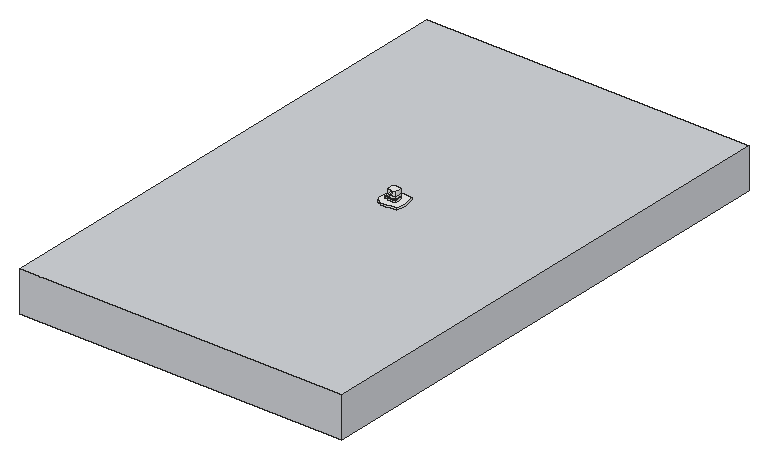
Revit family "Balance_Trim-GROHE-Grandera-19946_Series", category Plumbing Fixtures, host Face, Revit 2014
Parameters (values of type "19946000")
  Width = 6 11/16"  # constant formula
  Waste Connection = no
  Warranty Documentation Link = "https://cdn.cloud.grohe.com/tpi/1000/1900/1940/1949/1949006/original/1949006.pdf"
  WFU = 4  # constant formula
  Vent Connection = no
  URL = "https://www.grohe.us"
  Type Comments = ""
  Tempered Connection Radius = Tempered Connection Diameter / 2  # 1/4"
  Tempered Connection Diameter = Hot Water Connection Diameter  # 1/2"
  Shipping Weight = 6.259 lbf
  Product Page URL = "https://www.grohe.us/en_us/grohe-grandera-dual-function-pressure-balance-trim-with-control-module-19946000.html"
  Price = "Prices may vary. Please consult Manufacturer Representative for most up-to-date price list."  # constant formula
  Model = "19946000"
  Material = "Metal-Grohe-000-Chrome"
  Manufacturer = "Grohe"
  Length = 3 3/8"  # constant formula
  Installation Type = "Wall Mounted"
  Hot Water Connection Radius = Hot Water Connection Diameter / 2  # 1/4"
  Hot Water Connection Diameter = Cold Water Connection Diameter  # 1/2"
  Height = 40"
  HWFU = 3  # constant formula
  HW Connection = yes
  Flow Rate = "6.6 gpm at 45 psi (25 l/m)"  # constant formula
  Finish = Metal-Grohe-000-Chrome
  Description = "Grandera Dual function pressure balance trim with control module"  # constant formula
  Default Elevation = 44"  # constant formula
  Creation Date = "06/29/2017"  # constant formula
  Cold Water Connection Radius = 1/4"  # constant formula
  Cold Water Connection Diameter = Cold Water Connection Radius * 2  # 1/2"
  CWFU = 3  # constant formula
  CW Connection = yes
  Assembly Code = "D2010710"
Types (2): name | Product Page URL | Model | Material | Finish
  19946000 | "https://www.grohe.us/en_us/grohe-grandera-dual-function-pressure-balance-trim-with-control-module-19946000.html" | "19946000" | "Metal-Grohe-000-Chrome" | Metal-Grohe-000-Chrome
  19946EN0 | "https://www.grohe.us/en_us/grohe-grandera-dual-function-pressure-balance-trim-with-control-module-19946EN0.html" | "19946EN0" | "Metal-Grohe-EN0-Brushed Nickel" | Metal-Grohe-EN0-Brushed Nickel
Reference planes (in)
  plane 1 "Center (Front/Back)": y = 0
  plane 2: z = 0
  plane 3 "Center (Left/Right)": x = 0
  plane 4: y = 40
  plane 5: y = -18
  plane 6: y = -39
  plane 7: z = 3.38878
  plane 8: z = 0.8125
  plane 9: y = 0.22615
  plane 10: y = -0.22615
  plane 11: y = 1.28125
  plane 12: y = -1.28125
Forms (in)
  Extrusion 1, solid
    sketch origin (0, 0, 0) x (1, 0, 0) y (0, 1, 0)
      loop
        line (-48, 72) -> (-48, -79.70833) -> (48, -79.70833) -> (48, 72) -> (-48, 72)
    from 0 to -12
  Extrusion 2, solid, material "Metal-Grohe-000-Chrome" <- "Finish"
    sketch origin (0, 0, 0) x (1, 0, 0) y (0, 1, 0)
      loop
        arc (-2.84675, 2.87373) -> (-2.86338, 2.86339) -> (-2.87373, 2.84676) r 0.04311
        arc (-2.87373, 2.84676) -> (-3.34375, 0.00174) -> (-2.87485, -2.84347) r 8.85598
        arc (-2.87485, -2.84347) -> (-2.86281, -2.86282) -> (-2.84346, -2.87484) r 0.05011
        arc (-2.84346, -2.87484) -> (0.00244, -3.34324) -> (2.84809, -2.87327) r 8.86504
        arc (2.84809, -2.87327) -> (2.86362, -2.86362) -> (2.87327, -2.8481) r 0.04026
        arc (2.87327, -2.8481) -> (3.34375, 0.00084) -> (2.87273, 2.84969) r 8.85598
        arc (2.87273, 2.84969) -> (2.86389, 2.8639) -> (2.84968, 2.87274) r 0.03687
        arc (2.84968, 2.87274) -> (0.00155, 3.34324) -> (-2.84675, 2.87373) r 8.86504
    from 0 to 0.54326
  Extrusion 3, solid, material "Metal-Grohe-000-Chrome" <- "Finish"
    sketch origin (0, 0, 0) x (1, 0, 0) y (0, 1, 0)
      loop
        arc (-1.0621, 1.06207) -> (-1.2484, 0) -> (-1.0621, -1.06207) r 3.12042
        arc (-1.0621, -1.06207) -> (0, -1.24699) -> (1.0621, -1.06207) r 3.14254
        arc (1.0621, -1.06207) -> (1.2484, 0) -> (1.0621, 1.06207) r 3.12042
        arc (1.0621, 1.06207) -> (0, 1.24699) -> (-1.0621, 1.06207) r 3.14254
    from 0 to 3.29963
  Sweep 4, solid, material "Metal-Grohe-000-Chrome" <- "Finish"
    path origin (0, 0, 0) x (1, 0, 0) y (0, 1, 0)
      loop
        arc (1.0621, 1.06207) -> (0, 1.24699) -> (-1.0621, 1.06207) r 3.14254
        arc (-1.0621, 1.06207) -> (-1.2484, 0) -> (-1.0621, -1.06207) r 3.12042
        arc (-1.0621, -1.06207) -> (0, -1.24699) -> (1.0621, -1.06207) r 3.14254
        arc (1.0621, -1.06207) -> (1.2484, 0) -> (1.0621, 1.06207) r 3.12042
    profile origin (0, 1.24699, 0) x (-0.000002, -1, 0) y (0, 0, 1)
      loop
        line (0, 1.19929) -> (0, 1.30334) -> (-0.04754, 1.29496)
        arc (-0.04754, 1.29496) -> (-0.05179, 1.24879) -> (-0.04754, 1.20262) r 0.25293
        line (-0.04754, 1.20262) -> (0, 1.19929)
  Blend 5, solid, material "Metal-Grohe-000-Chrome" <- "Finish"
    base sketch origin (0, 0, 0.8125) x (1, 0, 0) y (0, 0, 1)
      loop
        arc (-0.18415, 2.07516) -> (-0.2155, 1.88906) -> (-0.18143, 1.70344) r 0.54445
        arc (-0.18143, 1.70344) -> (-0.00009, 1.67202) -> (0.18131, 1.70311) r 0.54188
        arc (0.18131, 1.70311) -> (0.2155, 1.88906) -> (0.18404, 2.07549) r 0.54445
        arc (0.18404, 2.07549) -> (-0.00009, 2.10756) -> (-0.18415, 2.07516) r 0.54188
    top sketch origin (0, 0, 0.8125) x (1, 0, 0) y (0, 0, 1)
      loop
        arc (-0.14336, 2.0318) -> (-0.16664, 1.88979) -> (-0.14336, 1.74778) r 0.44484
        arc (-0.14336, 1.74778) -> (0.00017, 1.72659) -> (0.1436, 1.74849) r 0.48862
        arc (0.1436, 1.74849) -> (0.16664, 1.88979) -> (0.1436, 2.03109) r 0.44484
        arc (0.1436, 2.03109) -> (0.00017, 2.05299) -> (-0.14336, 2.0318) r 0.48862
    from 3.56388 to 0
  Extrusion 6, solid, material "Metal-Grohe-000-Chrome" <- "Finish"
    sketch origin (0, 0, 0) x (1, 0, 0) y (0, 1, 0)
      loop
        circle (-0.73164, 0) r 0.25
      loop
        circle (0.73164, 0) r 0.25
    from 0 to 0.0625
  Extrusion 7, void
    sketch origin (0, 0, 0) x (1, 0, 0) y (0, 1, 0)
      loop
        arc (1.01322, 1.01306) -> (0, 1.18449) -> (-1.01322, 1.01307) r 3.08004
        arc (-1.01322, 1.01307) -> (-1.1859, 0) -> (-1.01322, -1.01307) r 3.05792
        arc (-1.01322, -1.01307) -> (0, -1.18449) -> (1.01322, -1.01306) r 3.08004
        arc (1.01322, -1.01306) -> (1.1859, 0) -> (1.01322, 1.01306) r 3.05792
      loop
        arc (1.11076, 1.11086) -> (0, 1.30949) -> (-1.11076, 1.11086) r 3.20504
        arc (-1.11076, 1.11086) -> (-1.3109, 0) -> (-1.11076, -1.11086) r 3.18292
        arc (-1.11076, -1.11086) -> (0, -1.30949) -> (1.11076, -1.11086) r 3.20504
        arc (1.11076, -1.11086) -> (1.3109, 0) -> (1.11076, 1.11086) r 3.18292
    from 2.08491 to 2.14753
Cuts and joins
  Extrusion 7 cuts Extrusion 3
  joined: Extrusion 2, Extrusion 3, Sweep 4, Blend 5, Extrusion 6
Lines and regions (in)
  Masking region 1
    outline origin (0, 0, 0) x (1, 0, 0) y (0, 0, 1)
      loop
        line (1.2484, 0.54326) -> (1.2484, 1.19929) -> (1.2953, 1.19929)
        arc (1.2953, 1.19929) -> (1.30124, 1.24713) -> (1.2953, 1.29496) r 0.19579
        arc (1.2953, 1.29496) -> (1.27185, 1.29911) -> (1.2484, 1.30334) r 6.7659
        line (1.2484, 1.30334) -> (1.2484, 2.08491) -> (1.1859, 2.08491) -> (1.1859, 2.14753) -> (1.2484, 2.14753) -> (1.2484, 3.29963) -> (-1.2484, 3.29963) -> (-1.2484, 2.14753) -> (-1.1859, 2.14753) -> (-1.1859, 2.08491) -> (-1.2484, 2.08491) -> (-1.2484, 1.30334)
        arc (-1.2484, 1.30334) -> (-1.27185, 1.29911) -> (-1.2953, 1.29496) r 6.7659
        arc (-1.2953, 1.29496) -> (-1.30124, 1.24713) -> (-1.2953, 1.19929) r 0.19579
        line (-1.2953, 1.19929) -> (-1.2484, 1.19929) -> (-1.2484, 0.54326) -> (-3.35308, 0.54326) -> (-3.35308, 0) -> (3.35308, 0) -> (3.35308, 0.54326) -> (1.2484, 0.54326)
  symbolic lines, detail levels medium+fine
    curve 1: line (1.2484, 0, 0.54326) -> (-1.2484, 0, 0.54326)
  symbolic lines, detail levels fine
    curve 2: line (1.2484, 0, 1.19929) -> (-1.2484, 0, 1.19929)
    curve 3: line (1.2484, 0, 1.30334) -> (-1.2484, 0, 1.30334)
    curve 4: line (1.2953, 0, 1.29496) -> (-1.29594, 0, 1.29496)
    curve 5: line (1.1859, 0, 2.08491) -> (-1.1859, 0, 2.08491)
    curve 6: line (-1.1859, 0, 2.14753) -> (1.1859, 0, 2.14753)
    curve 7: line (1.0621, 0, 3.29963) -> (1.0621, 0, 2.14753)
    curve 8: line (1.0621, 0, 2.08491) -> (1.0621, 0, 1.30334)
    curve 9: line (1.09913, 0, 1.29496) -> (1.09913, 0, 1.19929)
    curve 10: line (1.0621, 0, 1.19929) -> (1.0621, 0, 0.54326)
    curve 11: line (-1.0621, 0, 3.29963) -> (-1.0621, 0, 2.14753)
    curve 12: line (-1.0621, 0, 2.08491) -> (-1.0621, 0, 1.30334)
    curve 13: line (-1.09913, 0, 1.29496) -> (-1.09913, 0, 1.19929)
    curve 14: line (-1.0621, 0, 1.19929) -> (-1.0621, 0, 0.54326)
Dimensions and locks (in)
  plane 1 "Center (Front/Back)" to plane 5 = 18"
  plane 5 to plane 6 = 21"
  plane 1 "Center (Front/Back)" to plane 4 = 40"
  level to plane 7 = 3.38878"
  plane 8 to level = 13/16"
  "Hot Water Connection Diameter": diameter of Extrusion 6 sketch curve
  "Cold Water Connection Diameter": diameter of Extrusion 6 sketch curve
  aligned and locked: plane 2 to Extrusion 1
  aligned and locked: level to Extrusion 1
Automatic sketch dimensions
  Extrusion 1 sketch curve to Extrusion 1 sketch curve = 96"
  Extrusion 1 sketch curve to Extrusion 1 sketch curve = 151.70833"
  Extrusion 2 sketch curve to plane 3 "Center (Left/Right)" = 0"  (x2)
  Extrusion 2 sketch curve to plane 3 "Center (Left/Right)" = 2.82738"
  Extrusion 2 sketch curve to plane 3 "Center (Left/Right)" = 2.8329"
  plane 1 "Center (Front/Back)" to Extrusion 2 sketch curve = 0"  (x2)
  Extrusion 2 sketch curve to Extrusion 2 sketch curve = 2.68485"
  plane 3 "Center (Left/Right)" to Extrusion 2 sketch curve = 2.83515"
  plane 3 "Center (Left/Right)" to Extrusion 2 sketch curve = 2.83783"
  Extrusion 2 sketch curve to Extrusion 2 sketch curve = 2.67708"
  Extrusion 2 sketch curve to plane 12 = 1.54613"
  Extrusion 2 sketch curve to plane 12 = 1.5539"
  Extrusion 2 sketch curve to Extrusion 2 sketch curve = 2.69442"
  Extrusion 2 sketch curve to plane 11 = 1.55165"
  Extrusion 2 sketch curve to plane 11 = 1.55657"
  Extrusion 2 sketch curve to Extrusion 2 sketch curve = 2.6889"
  Extrusion 2 sketch curve to Extrusion 2 sketch curve = 0.01607"
  Extrusion 2 sketch curve to Extrusion 2 sketch curve = 0"  (x6)
  Extrusion 2 sketch curve to Extrusion 2 sketch curve = 0.01384"
  plane 1 "Center (Front/Back)" to Extrusion 3 sketch curve = 0"  (x2)
  Extrusion 3 sketch curve to plane 3 "Center (Left/Right)" = 1.87202"
  Extrusion 3 sketch curve to plane 3 "Center (Left/Right)" = 0"  (x2)
  plane 3 "Center (Left/Right)" to Extrusion 3 sketch curve = 1.87202"
  Extrusion 3 sketch curve to plane 12 = 0.6143"
  Extrusion 3 sketch curve to plane 11 = 0.6143"
  plane 12 to Extrusion 3 sketch curve = 0.21918"
  Extrusion 3 sketch curve to plane 3 "Center (Left/Right)" = 1.0621"
  plane 11 to Extrusion 3 sketch curve = 0.21918"  (x2)
  plane 1 "Center (Front/Back)" to Sweep 4 sketch curve = 0"  (x2)
  Sweep 4 sketch curve to plane 3 "Center (Left/Right)" = 1.87202"
  Sweep 4 sketch curve to plane 3 "Center (Left/Right)" = 0"  (x2)
  plane 3 "Center (Left/Right)" to Sweep 4 sketch curve = 1.87202"
  Sweep 4 sketch curve to plane 12 = 0.6143"
  Sweep 4 sketch curve to plane 11 = 0.6143"
  plane 11 to Sweep 4 sketch curve = 0.21918"
  Sweep 4 sketch curve to plane 3 "Center (Left/Right)" = 1.0621"
  plane 12 to Sweep 4 sketch curve = 0.21918"  (x2)
  Sweep 4 sketch curve to profile plane = 0"
  profile plane to Sweep 4 sketch curve = 0.04754"  (x2)
  Sweep 4 sketch curve to profile plane = 0.20114"
  level to Sweep 4 sketch curve = 1.19929"
  Sweep 4 sketch curve to Sweep 4 sketch curve = 0.00332"
  Sweep 4 sketch curve to Sweep 4 sketch curve = 0.04949"
  Sweep 4 sketch curve to Sweep 4 sketch curve = 0.00838"
  Blend 5 sketch curve to plane 3 "Center (Left/Right)" = 0.32894"
  plane 3 "Center (Left/Right)" to Blend 5 sketch curve = 0.00039"  (x2)
  plane 3 "Center (Left/Right)" to Blend 5 sketch curve = 0.32894"
  plane 8 to Blend 5 sketch curve = 1.56567"
  Blend 5 sketch curve to Blend 5 sketch curve = 0.32738"  (x2)
  Blend 5 sketch curve to Blend 5 sketch curve = 0.32086"
  Blend 5 sketch curve to plane 3 "Center (Left/Right)" = 0.18415"
  Blend 5 sketch curve to plane 3 "Center (Left/Right)" = 0.18143"
  plane 3 "Center (Left/Right)" to Blend 5 sketch curve = 0.18131"
  Blend 5 sketch curve to Blend 5 sketch curve = 0.13744"
  Blend 5 sketch curve to plane 3 "Center (Left/Right)" = 0.2782"
  Blend 5 sketch curve to plane 3 "Center (Left/Right)" = 0.00103"  (x2)
  plane 3 "Center (Left/Right)" to Blend 5 sketch curve = 0.2782"
  plane 8 to Blend 5 sketch curve = 1.56437"
  Blend 5 sketch curve to Blend 5 sketch curve = 0.32542"  (x3)
  Blend 5 sketch curve to plane 3 "Center (Left/Right)" = 0.14336"  (x2)
  plane 3 "Center (Left/Right)" to Blend 5 sketch curve = 0.1436"
  Blend 5 sketch curve to Blend 5 sketch curve = 0.14201"
  plane 1 "Center (Front/Back)" to Extrusion 6 sketch curve = 0"  (x2)
  Extrusion 6 sketch curve to plane 3 "Center (Left/Right)" = 0.73164"
  plane 3 "Center (Left/Right)" to Extrusion 6 sketch curve = 0.73164"
  Extrusion 7 sketch curve to Extrusion 7 sketch curve = 0"  (x9)
  plane 1 "Center (Front/Back)" to Extrusion 7 sketch curve = 0"  (x2)
  Extrusion 7 sketch curve to plane 3 "Center (Left/Right)" = 1.87202"
  Extrusion 7 sketch curve to plane 3 "Center (Left/Right)" = 0"  (x2)
  plane 3 "Center (Left/Right)" to Extrusion 7 sketch curve = 1.87202"
  Extrusion 7 sketch curve to plane 12 = 0.6143"
  Extrusion 7 sketch curve to plane 11 = 0.6143"
  plane 12 to Extrusion 7 sketch curve = 0.17039"
  Extrusion 7 sketch curve to plane 3 "Center (Left/Right)" = 1.11076"
  plane 11 to Extrusion 7 sketch curve = 0.17039"
  Extrusion 7 sketch curve to Extrusion 7 sketch curve = 0.09755"  (x3)
  plane 12 to Extrusion 7 sketch curve = 0.26819"
  plane 3 "Center (Left/Right)" to Extrusion 7 sketch curve = 1.01322"
  Masking region 1 sketch curve to level = 0"
  Masking region 1 sketch curve to plane 8 = 0.26924"  (x2)
  Masking region 1 sketch curve to plane 3 "Center (Left/Right)" = 3.35308"
  Masking region 1 sketch curve to plane 3 "Center (Left/Right)" = 2.46228"
  plane 8 to Masking region 1 sketch curve = 0.38679"  (x2)
  Masking region 1 sketch curve to plane 3 "Center (Left/Right)" = 1.2953"
  plane 7 to Masking region 1 sketch curve = 0.08914"
  Masking region 1 sketch curve to plane 3 "Center (Left/Right)" = 1.2484"
  Masking region 1 sketch curve to Masking region 1 sketch curve = 0.0469"  (x3)
  Masking region 1 sketch curve to Masking region 1 sketch curve = 1/16"  (x3)
  Masking region 1 sketch curve to Masking region 1 sketch curve = 0.14296"  (x2)
  plane 3 "Center (Left/Right)" to Masking region 1 sketch curve = 1.10544"
  Masking region 1 sketch curve to Masking region 1 sketch curve = 0.08046"
  plane 3 "Center (Left/Right)" to Masking region 1 sketch curve = 2.46228"
  Masking region 1 sketch curve to Masking region 1 sketch curve = 2.10467"
  Masking region 1 sketch curve to Masking region 1 sketch curve = 0.04783"  (x2)
  Masking region 1 sketch curve to Masking region 1 sketch curve = 0.10405"  (x2)
  Masking region 1 sketch curve to Masking region 1 sketch curve = 0.78157"  (x2)
  Masking region 1 sketch curve to Masking region 1 sketch curve = 0.06263"  (x2)
  Masking region 1 sketch curve to plane 7 = 4.57069"  (x2)
  plane 8 to curve 12 = 0.49084"
  curve 12 to plane 3 "Center (Left/Right)" = 1.0621"
  curve 12 to curve 14 = 0"
  plane 7 to curve 11 = 0.08914"
  curve 13 to curve 12 = 0.03704"
  curve 6 to curve 11 = 0.1238"
  curve 6 to curve 5 = 0"  (x2)
  curve 2 to curve 13 = 0.14927"
  curve 1 to curve 14 = 0.1863"
  curve 3 to curve 2 = 0"  (x2)
  curve 4 to curve 3 = 0.04754"
  plane 3 "Center (Left/Right)" to curve 8 = 1.0621"
  curve 7 to curve 8 = 0"
  curve 10 to plane 8 = 0.26924"
  curve 8 to curve 10 = 0"
  curve 8 to curve 9 = 0.03704"
  curve 8 to curve 5 = 0.1238"
  curve 9 to curve 3 = 0.14927"
  curve 10 to curve 1 = 0.1863"
  curve 3 to curve 4 = 0.0469"
  curve 9 to curve 8 = 0.00838"
  curve 10 to curve 9 = 0.09566"
  curve 3 to curve 5 = 0.78157"
  curve 12 to curve 11 = 0.06263"
  plane 7 to curve 7 = 0.08914"
  curve 5 to curve 12 = 0.1238"
Connectors (in)
  piping at (-0.73164, 0, 0), diameter 0.5, driven by "Hot Water Connection Diameter"
    settings: on Extrusion 6, index 1, connector inside diameter 24", connector length 0", flow factor 0, pipe flow 0 GPM, pressure drop 0.00 psi, fitting loss kfactor 0, connector angle 0.00°, fixture units 0, engagement length 0", angle of deflection 0.00°, flow configuration 3, flow direction 1, fitting loss method 0, system type 19, joint type 0, gender type 0, connector reference index -1, connector utility 0, adjustable connector no, is connector primary yes, connector description "1/2\" NPT HW Inlet"
  piping at (0.73164, 0, 0), diameter 0.5, driven by "Cold Water Connection Diameter"
    settings: on Extrusion 6, index 2, connector inside diameter 24", connector length 0", flow factor 0, pipe flow 0 GPM, pressure drop 0.00 psi, fitting loss kfactor 0, connector angle 0.00°, fixture units 0, engagement length 0", angle of deflection 0.00°, flow configuration 3, flow direction 1, fitting loss method 0, system type 20, joint type 0, gender type 0, connector reference index -1, connector utility 0, adjustable connector no, is connector primary no, connector description "1/2\" NPT CW Inlet"
